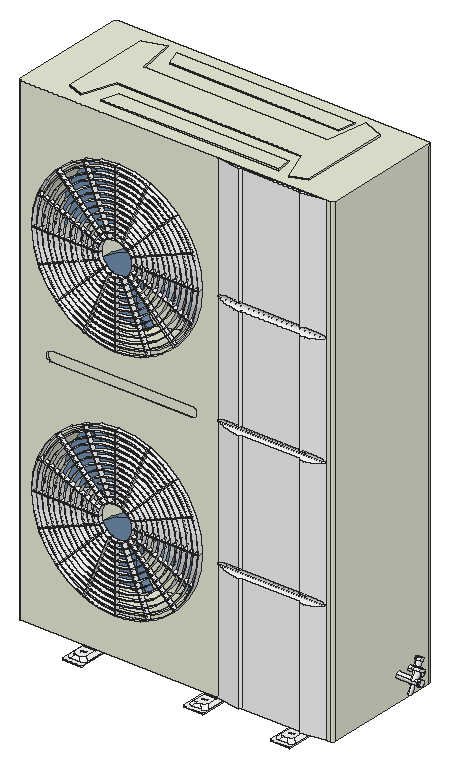
Revit family "MV8S-252(280_335_400)WV2RN1", category Mechanical Equipment, Revit 2013
Parameters (values of type "14HP")
  clearance access right = 200.000 mm
  clearance access left = 200.000 mm
  clearance access front = 1500.000 mm
  clearance access behind = 300.000 mm
  clearance [instance] = no
  Width = 1130.000 mm
  Series = "VRF"
  Refrigerant = "R410A"
  Power supply = "380-415V 3N~ 50Hz"
  Net Weight = 182.00 kg
  Model = "14HP"
  Minimum Circuit Amps = 28 A
  Maximum Fuse Amps = 32 A
  Manufacturer = ""
  Liquid pipe Radius = 0.5 * Liquid pipe  # 6.350 mm
  Liquid pipe = 12.700 mm
  Installation = "Outdoor installation"
  Height = 1760.000 mm
  Heating Power Input = 11.70 kW
  Heating Capacity = 40.00 kW
  Gas pipe Radius = 0.5 * Gas pipe  # 12.700 mm
  Gas pipe = 25.400 mm
  Description = "High efficiency air cooled"
  Depth = 580.000 mm
  Cooling Power Input = 15.70 kW
  Cooling Capacity = 40.00 kW
  Condensation = "Air"
  Compressor = "1"
  Casing color = "SB2098"
  Air Flow = 12500.00 m³/h
Types (5, lengths in mm): name | Net Weight | Model | Minimum Circuit Amps | Maximum Fuse Amps | Heating Power Input | Heating Capacity | Cooling Power Input | Cooling Capacity | Air Flow
  (no name) | 182.00 kg | "14HP" | 28 A | 32 A | 11.70 kW | 40.00 kW | 15.70 kW | 40.00 kW | 12500.00 m³/h
  8HP | 177.00 kg | "8HP" | 17 A | 20 A | 6.10 kW | 25.20 kW | 7.60 kW | 25.20 kW | 11800.00 m³/h
  10HP | 177.00 kg | "10HP" | 21 A | 25 A | 7.00 kW | 28.00 kW | 9.10 kW | 28.00 kW | 12500.00 m³/h
  12HP | 180.00 kg | "12HP" | 23 A | 32 A | 9.10 kW | 33.50 kW | 11.60 kW | 33.50 kW | 12500.00 m³/h
  14HP | 182.00 kg | "14HP" | 28 A | 32 A | 11.70 kW | 40.00 kW | 15.70 kW | 40.00 kW | 12500.00 m³/h
Reference planes
  plane 1 "Center (Front/Back)": y = 0
  plane 2: z = 0
  plane 3 "Center (Left/Right)": x = 0
  plane 4: y = 220
  plane 5: x = -565
  plane 6: x = 565
  plane 7: z = 406.5
  plane 8: z = 300.608
  plane 9: z = 578.117
  plane 10: z = 1760
  plane 11: x = -122.998
  plane 12: y = -220
  plane 13: z = 915
  plane 14: x = 346.214
Forms (mm)
  Extrusion 1, solid, material "Galvanized Steel", detail levels medium+fine
    sketch origin (-463, 0, 789) x (1, 0, 0) y (0, 1, 0)
      loop
        arc (-92, 220) -> (-99.071, 217.071) -> (-102, 210) r 10
        line (-102, 210) -> (-102, -210)
        arc (-102, -210) -> (-99.071, -217.071) -> (-92, -220) r 10
        line (-92, -220) -> (1018, -220)
        arc (1018, -220) -> (1025.071, -217.071) -> (1028, -210) r 10
        line (1028, -210) -> (1028, 210)
        arc (1028, 210) -> (1025.071, 217.071) -> (1018, 220) r 10
        line (1018, 220) -> (-92, 220)
    from -765 to 971
  Extrusion 2, void
    sketch origin (-82.639, 0, 60) x (1, 0, 0) y (0, 0, 1)
      loop
        circle (-122.999, 406.499) r 290
    from 58.354 to 277.34
  Extrusion 3, void
    sketch origin (0, -47.5, 0) x (0, 1, 0) y (0, 0, 1)
      loop
        line (-160, 592.5) -> (-160, 552.5) -> (-148.009, 552.5) -> (-130, 570.509) -> (-130, 592.5) -> (-160, 592.5)
    from 278.788 to 369.719
  Extrusion 4, void
    sketch origin (-82.639, 0, 910) x (1, 0, 0) y (0, 0, 1)
      loop
        circle (-122.999, 406.499) r 290
    from 58.354 to 277.34
  Extrusion 5, solid, material "Galvanized Steel", detail levels fine
    sketch origin (-463, 0, 1760) x (1, 0, 0) y (0, 1, 0)
      loop
        line (33, 160) -> (33, -160) -> (89.382, -180.521) -> (130.424, -67.758) -> (795.576, -67.758) -> (836.618, -180.521) -> (893, -160) -> (893, 160) -> (817.825, 187.362) -> (793.514, 49.489) -> (132.486, 49.489) -> (108.175, 187.362) -> (33, 160)
      loop
        line (153, 170) -> (173.521, 113.618) -> (783.058, 113.618) -> (793, 170) -> (153, 170)
      loop
        line (153, -170) -> (793, -170) -> (783.058, -113.618) -> (173.521, -113.618) -> (153, -170)
    from 0 to 4
  Extrusion 6, solid, material "HXL White", detail levels fine
    sketch origin (0, 0, 0) x (1, 0, 0) y (0, 1, 0)
      loop
        line (152.056, -220) -> (236.78, -233.936)
        arc (236.78, -233.936) -> (238.568, -229.619) -> (242.885, -227.83) r 6.105
        line (242.885, -227.83) -> (449.543, -227.83)
        arc (449.543, -227.83) -> (453.86, -229.619) -> (455.648, -233.936) r 6.105
        line (455.648, -233.936) -> (540.372, -220) -> (152.056, -220)
    from 24 to 1760
  Extrusion 7, void
    sketch origin (531, -220, 0) x (0, 1, 0) y (0, 0, -1)
      loop
        line (-15.391, -899.609) -> (-15.391, -930.391)
        arc (-15.391, -930.391) -> (0, -915) -> (-15.391, -899.609) r 15.391
    from -34 to 438.352
  Extrusion 8, void
    sketch origin (531, -220, -460) x (0, 1, 0) y (0, 0, -1)
      loop
        line (-15.391, -899.609) -> (-15.391, -930.391)
        arc (-15.391, -930.391) -> (0, -915) -> (-15.391, -899.609) r 15.391
    from -34 to 438.352
  Extrusion 9, void
    sketch origin (531, -220, 400) x (0, 1, 0) y (0, 0, -1)
      loop
        line (-15.391, -899.609) -> (-15.391, -930.391)
        arc (-15.391, -930.391) -> (0, -915) -> (-15.391, -899.609) r 15.391
    from -34 to 438.352
  Extrusion 10, void
    sketch origin (-468, -220, 789) x (-1, 0, 0) y (0, 0, 1)
      loop
        arc (-524.78, 141.322) -> (-544.78, 121.322) -> (-524.78, 101.322) r 20
        line (-524.78, 101.322) -> (-24.78, 101.322)
        arc (-24.78, 101.322) -> (-4.78, 121.322) -> (-24.78, 141.322) r 20
        line (-24.78, 141.322) -> (-524.78, 141.322)
    from 0 to 4
Cuts and joins
  Extrusion 2, Extrusion 3, Extrusion 4, Extrusion 10 cuts Extrusion 1
  Extrusion 7, Extrusion 8, Extrusion 9 cuts Extrusion 6
Lines and regions (mm)
  model lines
    curve 1: line (555, 220, 1760) -> (-555, 220, 1760)
    curve 2: line (565, -210, 1760) -> (565, 210, 1760)
    curve 3: arc (555, -220, 1760) -> (562.071, -217.071, 1760) -> (565, -210, 1760) r 10
    curve 4: line (-555, -220, 1760) -> (555, -220, 1760)
    curve 5: arc (-565, -210, 1760) -> (-562.071, -217.071, 1760) -> (-555, -220, 1760) r 10
    curve 6: line (-565, 210, 1760) -> (-565, -210, 1760)
    curve 7: arc (-555, 220, 1760) -> (-562.071, 217.071, 1760) -> (-565, 210, 1760) r 10
    curve 8: line (-555, -220, 24) -> (555, -220, 24)
    curve 9: arc (555, -220, 24) -> (562.071, -217.071, 24) -> (565, -210, 24) r 10
    curve 10: line (565, -210, 24) -> (565, 210, 24)
    curve 11: arc (565, 210, 24) -> (562.071, 217.071, 24) -> (555, 220, 24) r 10
    curve 12: line (555, 220, 24) -> (-555, 220, 24)
    curve 13: arc (-555, 220, 24) -> (-562.071, 217.071, 24) -> (-565, 210, 24) r 10
    curve 14: line (-565, 210, 24) -> (-565, -210, 24)
    curve 15: arc (-565, -210, 24) -> (-562.071, -217.071, 24) -> (-555, -220, 24) r 10
    curve 16: arc (565, 210, 1760) -> (562.071, 217.071, 1760) -> (555, 220, 1760) r 10
Dimensions and locks
  aligned and locked: level to plane 2
Nested families
  nested 1: "xiaodijia2-580" at (429.5, 63, 0), type "xiaodijia2-580", detail levels medium+fine
  nested 2: "xiaodijia2-580" at (-318, 63.725, 0), type "xiaodijia2-580", detail levels medium+fine
  nested 3: "service space" at (-565, 290, 0), visible <- "clearance", Height <- "Height", type "Service  Space"
    with Width 1130.000 mm, Height 1760.000 mm, Depth 300.000 mm
  nested 4: "service space" at (565, -220, 0), visible <- "clearance", Height <- "Height", type "Service  Space"
    with Width 200.000 mm, Height 1760.000 mm, Depth 440.000 mm
  nested 5: "service space" at (-765, -220, 0), visible <- "clearance", Height <- "Height", type "Service  Space"
    with Width 200.000 mm, Height 1760.000 mm, Depth 440.000 mm
  nested 6: "service space" at (-565, -1790, 0), visible <- "clearance", Height <- "Height", type "Service  Space"
    with Width 1130.000 mm, Height 1760.000 mm, Depth 1500.000 mm
  nested 7: "fengkou300+15" at (-205.639, -235, 466.5) x (1, 0, 0) z (0, 1, 0), type "fengkou300+15", detail levels medium+fine
  nested 8: "fengshan270" at (-205.635, -100, 466.5) x (0, 0, 1) z (0, -1, 0), type "fengshan270", detail levels fine
  nested 9: "fengkou300+15" at (-205.639, -235, 1316.5) x (1, 0, 0) z (0, 1, 0), type "fengkou300+15", detail levels medium+fine
  nested 10: "fengshan270" at (-205.635, -100, 1316.5) x (0, 0, 1) z (0, -1, 0), type "fengshan270", detail levels fine
  nested 11: "guan_HXL" at (610, 70, 115) x (0, 0.866, -0.5) z (0, 0.5, 0.866), type "guan_HXL", detail levels fine
    with luomukuandu2 30.000 mm, luomukuandu 20.000 mm, luomuhoudu2 10.000 mm, luomuhoudu 10.000 mm, diameter2 20.000 mm, diameter 20.000 mm, Length2 40.000 mm, Length 85.000 mm
  nested 12: "guan_HXL" at (575, 120, 115) x (0, -0.866, 0.5) z (0, 0.5, 0.866), type "guan_HXL", detail levels fine
    with luomukuandu2 20.000 mm, luomukuandu 20.000 mm, luomuhoudu2 10.000 mm, luomuhoudu 10.000 mm, diameter2 18.000 mm, diameter 15.000 mm, Length2 40.000 mm, Length 50.000 mm
  nested 13: "xiaodijia2-580" at (118, 63, 0), type "xiaodijia2-580", detail levels medium+fine
Connectors
  piping at (565, 70, 115), driven by "Gas pipe Radius"
    settings: on nested 11, index 1, connector radius 1/2", flow factor 0, pipe flow 0 GPM, pressure drop 0.00 psi, fitting loss kfactor 0, connector angle 0.00°, fixture units 0, engagement length 0.000 mm, flow configuration 0, flow direction 0, fitting loss method 0, system type 7, joint type 0, gender type 0, connector reference index -1, connector utility 0, adjustable connector no, is connector primary yes, fitting loss table "", connector description ""
  piping at (565, 120, 115), driven by "Liquid pipe Radius"
    settings: on nested 12, index 2, connector radius 1/4", flow factor 0, pipe flow 0 GPM, pressure drop 0.00 psi, fitting loss kfactor 0, connector angle 0.00°, fixture units 0, engagement length 0.000 mm, flow configuration 0, flow direction 0, fitting loss method 0, system type 7, joint type 0, gender type 0, connector reference index -1, connector utility 0, adjustable connector no, is connector primary no, fitting loss table "", connector description ""
  electrical at (0, -220, 892)
    settings: on cut or joined group of Extrusion 1, Extrusion 2, Extrusion 3, Extrusion 4, Extrusion 10, index 3, voltage 380 V, apparent load 0 VA, apparent load phase1 0 VA, apparent load phase2 0 VA, apparent load phase3 0 VA, power factor 1, load classification "HVAC", number of poles 1, system type 30, power factor state 1, is connector primary yes, connector utility no, sub classification motor no, connector description ""
Definition of nested family "xiaodijia2-580"
  Reference planes
    plane 1 "Center (Front/Back)": y = 0
    plane 2: z = 0
    plane 3 "Center (Left/Right)": x = 0
    plane 4: y = 227
    plane 5: x = -36.5
    plane 6: x = 36.5
    plane 7: z = 12
    plane 8: z = 3
    plane 9: z = 24
    plane 10: y = -20
    plane 11: y = 20
    plane 12: x = 21.5
    plane 13: x = -21.5
    plane 14: y = 190
    plane 15: x = -6
    plane 16: x = 6
    plane 17: y = -186
    plane 18: y = -194
    plane 19: y = -353
  Forms (mm)
    Blend 1, solid, material "HXL White"
      base sketch origin (0, 0, 0) x (1, 0, 0) y (0, 1, 0)
        loop
          line (6.5, 212) -> (-6.5, 212)
          arc (-6.5, 212) -> (-17.107, 207.607) -> (-21.5, 197) r 15
          line (-21.5, 197) -> (-21.5, -311.239)
          arc (-21.5, -311.239) -> (-17.107, -321.846) -> (-6.5, -326.239) r 15
          line (-6.5, -326.239) -> (6.5, -326.239)
          arc (6.5, -326.239) -> (17.107, -321.846) -> (21.5, -311.239) r 15
          line (21.5, -311.239) -> (21.5, 197)
          arc (21.5, 197) -> (17.107, 207.607) -> (6.5, 212) r 15
      top sketch origin (0, 0, 0) x (1, 0, 0) y (0, 1, 0)
        loop
          line (26.5, 222) -> (-26.5, 222)
          arc (-26.5, 222) -> (-30.036, 220.536) -> (-31.5, 217) r 5
          line (-31.5, 217) -> (-31.5, -321.239)
          arc (-31.5, -321.239) -> (-27.107, -331.846) -> (-16.5, -336.239) r 15
          line (-16.5, -336.239) -> (16.5, -336.239)
          arc (16.5, -336.239) -> (27.107, -331.846) -> (31.5, -321.239) r 15
          line (31.5, -321.239) -> (31.5, 217)
          arc (31.5, 217) -> (30.036, 220.536) -> (26.5, 222) r 5
      from 12 to 3
    Blend 2, void
      base sketch origin (0, 0, 0) x (1, 0, 0) y (0, 1, 0)
        loop
          line (6.5, 202) -> (-6.5, 202)
          arc (-6.5, 202) -> (-10.036, 200.536) -> (-11.5, 197) r 5
          line (-11.5, 197) -> (-11.5, -197)
          arc (-11.5, -197) -> (-10.036, -200.536) -> (-6.5, -202) r 5
          line (-6.5, -202) -> (6.5, -202)
          arc (6.5, -202) -> (10.036, -200.536) -> (11.5, -197) r 5
          line (11.5, -197) -> (11.5, 197)
          arc (11.5, 197) -> (10.036, 200.536) -> (6.5, 202) r 5
      top sketch origin (0, 0, 0) x (1, 0, 0) y (0, 1, 0)
        loop
          line (31.5, -311.239) -> (31.5, 217)
          arc (31.5, 217) -> (30.036, 220.536) -> (26.5, 222) r 5
          line (26.5, 222) -> (-26.5, 222)
          arc (-26.5, 222) -> (-30.036, 220.536) -> (-31.5, 217) r 5
          line (-31.5, 217) -> (-31.5, -311.239)
          arc (-31.5, -311.239) -> (-27.107, -321.846) -> (-16.5, -326.239) r 15
          line (-16.5, -326.239) -> (16.5, -326.239)
          arc (16.5, -326.239) -> (27.107, -321.846) -> (31.5, -311.239) r 15
      from 8.355 to 3
    Extrusion 3, solid, material "HXL White"
      sketch origin (0, 0, 0) x (1, 0, 0) y (0, 1, 0)
        loop
          arc (-31.5, 227) -> (-35.036, 225.536) -> (-36.5, 222) r 5
          line (-36.5, 222) -> (-36.5, -348)
          arc (-36.5, -348) -> (-35.036, -351.536) -> (-31.5, -353) r 5
          line (-31.5, -353) -> (31.5, -353)
          arc (31.5, -353) -> (35.036, -351.536) -> (36.5, -348) r 5
          line (36.5, -348) -> (36.5, 222)
          arc (36.5, 222) -> (35.036, 225.536) -> (31.5, 227) r 5
          line (31.5, 227) -> (-31.5, 227)
        loop
          arc (-26.5, 222) -> (-30.036, 220.536) -> (-31.5, 217) r 5
          line (-31.5, 217) -> (-31.5, -311.239)
          arc (-31.5, -311.239) -> (-27.107, -321.846) -> (-16.5, -326.239) r 15
          line (-16.5, -326.239) -> (16.5, -326.239)
          arc (16.5, -326.239) -> (27.107, -321.846) -> (31.5, -311.239) r 15
          line (31.5, -311.239) -> (31.5, 217)
          arc (31.5, 217) -> (30.036, 220.536) -> (26.5, 222) r 5
          line (26.5, 222) -> (-26.5, 222)
      from 0 to 3
    Extrusion 4, solid, material "HXL White"
      sketch origin (0, -57.12, 0) x (0, 1, 0) y (0, 0, 1)
        loop
          arc (-19.275, 24) -> (-19.902, 23.667) -> (-20.264, 23.056) r 1.312
          line (-20.264, 23.056) -> (-22.833, 13.434)
          arc (-22.833, 13.434) -> (-23.437, 12.605) -> (-24.266, 12) r 3.318
          line (-24.266, 12) -> (24.266, 12)
          arc (24.266, 12) -> (23.437, 12.605) -> (22.833, 13.434) r 3.318
          line (22.833, 13.434) -> (20.264, 23.056)
          arc (20.264, 23.056) -> (19.902, 23.667) -> (19.275, 24) r 1.312
          line (19.275, 24) -> (-19.275, 24)
      from -21.5 to 21.5
    Extrusion 5, solid, material "HXL White"
      sketch origin (0, 150, 0) x (0, 1, 0) y (0, 0, 1)
        loop
          arc (-19.275, 24) -> (-19.902, 23.667) -> (-20.264, 23.056) r 1.312
          line (-20.264, 23.056) -> (-22.833, 13.434)
          arc (-22.833, 13.434) -> (-23.437, 12.605) -> (-24.266, 12) r 3.318
          line (-24.266, 12) -> (24.266, 12)
          arc (24.266, 12) -> (23.437, 12.605) -> (22.833, 13.434) r 3.318
          line (22.833, 13.434) -> (20.264, 23.056)
          arc (20.264, 23.056) -> (19.902, 23.667) -> (19.275, 24) r 1.312
          line (19.275, 24) -> (-19.275, 24)
      from -21.5 to 21.5
    Extrusion 6, solid, material "HXL White"
      sketch origin (0, -250, 0) x (0, 1, 0) y (0, 0, 1)
        loop
          arc (-19.275, 24) -> (-19.902, 23.667) -> (-20.264, 23.056) r 1.312
          line (-20.264, 23.056) -> (-22.833, 13.434)
          arc (-22.833, 13.434) -> (-23.437, 12.605) -> (-24.266, 12) r 3.318
          line (-24.266, 12) -> (24.266, 12)
          arc (24.266, 12) -> (23.437, 12.605) -> (22.833, 13.434) r 3.318
          line (22.833, 13.434) -> (20.264, 23.056)
          arc (20.264, 23.056) -> (19.902, 23.667) -> (19.275, 24) r 1.312
          line (19.275, 24) -> (-19.275, 24)
      from -21.5 to 21.5
    Extrusion 7, void
      sketch origin (0, 0, 0) x (1, 0, 0) y (0, 1, 0)
        loop
          arc (-6, -296) -> (-10, -300) -> (-6, -304) r 4
          line (-6, -304) -> (6, -304)
          arc (6, -304) -> (10, -300) -> (6, -296) r 4
          line (6, -296) -> (-6, -296)
        loop
          line (-6, 186) -> (6, 186)
          arc (6, 186) -> (10, 190) -> (6, 194) r 4
          line (6, 194) -> (-6, 194)
          arc (-6, 194) -> (-10, 190) -> (-6, 186) r 4
      from 0 to 20
  Cuts and joins
    Blend 2, Extrusion 7 cuts Blend 1
  Dimensions and locks
    aligned and locked: level to plane 2
Definition of nested family "service space"
  Parameters (values of type "Midea Service  Space")
    Width [instance] = 500.000 mm
    Height [instance] = 500.000 mm
    Depth [instance] = 500.000 mm
  Reference planes
    plane 1 "Center (Front/Back)": y = 0
    plane 2: z = 0
    plane 3 "Center (Left/Right)": x = 0
    plane 4: z = 500
    plane 5: y = 500
    plane 6: x = 500
  Forms (mm)
    Extrusion 1, solid, material "Midea Service Space-HDY"
      sketch origin (0, 0, 0) x (1, 0, 0) y (0, 1, 0)
        loop
          line (0, 500) -> (0, 0) -> (500, 0) -> (500, 500) -> (0, 500)
      from 0 to 500
  Dimensions and locks
    "Width": plane 3 "Center (Left/Right)" to plane 6
    "Depth": plane 5 to plane 1 "Center (Front/Back)"
    "Height": level to plane 4
    aligned and locked: level to plane 2
    aligned and locked: plane 5 to Extrusion 1
    aligned and locked: Extrusion 1 to plane 6
    aligned and locked: Extrusion 1 to plane 3 "Center (Left/Right)"
    aligned and locked: plane 1 "Center (Front/Back)" to Extrusion 1
    aligned and locked: Extrusion 1 to plane 4
  Automatic sketch dimensions
    Extrusion 1 sketch curve to plane 3 "Center (Left/Right)" = 0.000 mm
    plane 1 "Center (Front/Back)" to Extrusion 1 sketch curve = 0.000 mm
    Extrusion 1 sketch curve to plane 6 = 0.000 mm
    Extrusion 1 sketch curve to plane 5 = 0.000 mm
Definition of nested family "fengkou300+15"
  Parameters (values of type "fengkou300+15")
    Series = ""
    Machine material = Midea White
    Installation = ""
    Gas = ""
    Condensation = ""
  Reference planes
    plane 1 "Center (Front/Back)": y = 0
    plane 2: z = 0
    plane 3 "Center (Left/Right)": x = 0
  Forms (mm)
    Extrusion 1, solid, material "Midea White" <- "Machine material"
      sketch origin (0, 0, 0) x (1, 0, 0) y (0, 1, 0)
        loop
          circle (0, 0) r 60
        loop
          circle (0, 0) r 61
        loop
          circle (0, 0) r 80
        loop
          circle (0, 0) r 81
        loop
          circle (0, 0) r 100
        loop
          circle (0, 0) r 101
        loop
          circle (0, 0) r 120
        loop
          circle (0, 0) r 121
        loop
          circle (0, 0) r 140
        loop
          circle (0, 0) r 141
        loop
          circle (0, 0) r 160
        loop
          circle (0, 0) r 161
        loop
          circle (0, 0) r 180
        loop
          circle (0, 0) r 181
        loop
          circle (0, 0) r 200
        loop
          circle (0, 0) r 201
        loop
          circle (0, 0) r 220
        loop
          circle (0, 0) r 221
        loop
          circle (0, 0) r 240
        loop
          circle (0, 0) r 241
        loop
          circle (0, 0) r 260
        loop
          circle (0, 0) r 261
        loop
          circle (0, 0) r 300
        loop
          circle (0, 0) r 298
        loop
          circle (0, 0) r 280
        loop
          circle (0, 0) r 282
      from 0 to 15
    Extrusion 2, solid, material "Midea White" <- "Machine material"
      sketch origin (0, 0, 0) x (1, 0, 0) y (0, 1, 0)
        loop
          line (112.868, 276.414) -> (21.566, 55.993) -> (24.338, 54.845) -> (115.639, 275.266) -> (112.868, 276.414)
        loop
          line (-115.892, -275.873) -> (-113.121, -277.021) -> (-21.566, -55.988) -> (-24.338, -54.84) -> (-115.892, -275.873)
        loop
          line (276.767, -113.015) -> (55.991, -21.567) -> (54.843, -24.338) -> (275.619, -115.787) -> (276.767, -113.015)
        loop
          line (-275.322, 115.668) -> (-276.47, 112.896) -> (-55.987, 21.569) -> (-54.839, 24.341) -> (-275.322, 115.668)
        loop
          line (274.833, 115.468) -> (54.841, 24.344) -> (55.989, 21.572) -> (275.981, 112.696) -> (274.833, 115.468)
        loop
          line (-276.35, -112.845) -> (-275.202, -115.616) -> (-54.841, -24.339) -> (-55.989, -21.568) -> (-276.35, -112.845)
        loop
          line (115.817, -275.686) -> (24.34, -54.841) -> (21.569, -55.989) -> (113.046, -276.834) -> (115.817, -275.686)
        loop
          line (-112.949, 276.604) -> (-115.72, 275.456) -> (-24.339, 54.842) -> (-21.567, 55.99) -> (-112.949, 276.604)
        loop
          line (210.396, 212.522) -> (41.351, 43.478) -> (43.472, 41.356) -> (212.517, 210.401) -> (210.396, 212.522)
        loop
          line (-212.076, -209.955) -> (-209.954, -212.076) -> (-41.351, -43.473) -> (-43.472, -41.352) -> (-212.076, -209.955)
        loop
          line (212.134, -210.01) -> (43.475, -41.352) -> (41.354, -43.473) -> (210.012, -212.132) -> (212.134, -210.01)
        loop
          line (-209.969, 212.093) -> (-212.09, 209.971) -> (-43.472, 41.353) -> (-41.351, 43.474) -> (-209.969, 212.093)
        loop
          line (298.287, 1.504) -> (59.981, 1.504) -> (59.981, -1.496) -> (298.287, -1.496) -> (298.287, 1.504)
        loop
          line (-298.652, 1.5) -> (-298.652, -1.5) -> (-59.981, -1.5) -> (-59.981, 1.5) -> (-298.652, 1.5)
        loop
          line (1.5, -298.432) -> (1.5, -59.981) -> (-1.5, -59.981) -> (-1.5, -298.432) -> (1.5, -298.432)
        loop
          line (1.5, 298.807) -> (-1.5, 298.807) -> (-1.5, 59.981) -> (1.5, 59.981) -> (1.5, 298.807)
      from 0 to 15
  Dimensions and locks
    aligned and locked: level to plane 2
Definition of nested family "fengshan270"
  Reference planes
    plane 1 "Center (Front/Back)": y = 0
    plane 2: z = 0
    plane 3 "Center (Left/Right)": x = 0
  Forms (mm)
    Extrusion 1, solid, material "Midea Dark Blue"
      sketch origin (0, 0, 0) x (1, 0, 0) y (0, 1, 0)
        loop
          circle (0, 0) r 50
      from 0 to 30
    Extrusion 2, solid, material "Midea Dark Blue"
      sketch origin (-20, 0, 0) x (0, -1, 0) y (1, 0, 0)
        loop
          arc (32.105, 288.084) -> (-94.042, 273.093) -> (-199.371, 202.075) r 270
          arc (-199.371, 202.075) -> (-134.798, 110.882) -> (-35, 60.622) r 231.205
          arc (-35, 60.622) -> (0, 70) -> (35, 60.622) r 70
          arc (35, 60.622) -> (-8.793, 173.814) -> (32.105, 288.084) r 173.918
      from 0 to 30
    Extrusion 3, solid, material "Midea Dark Blue"
      sketch origin (20, 0, 0) x (0, 1, 0) y (-1, 0, 0)
        loop
          arc (32.105, 288.084) -> (-94.042, 273.093) -> (-199.371, 202.075) r 270
          arc (-199.371, 202.075) -> (-134.798, 110.882) -> (-35, 60.622) r 231.205
          arc (-35, 60.622) -> (0, 70) -> (35, 60.622) r 70
          arc (35, 60.622) -> (-8.793, 173.814) -> (32.105, 288.084) r 173.918
      from 0 to 30
    Extrusion 4, solid, material "Midea Dark Blue"
      sketch origin (0, 0, 0) x (1, 0, 0) y (0, 1, 0)
        loop
          arc (32.105, 268.084) -> (-94.042, 253.093) -> (-199.371, 182.075) r 270
          arc (-199.371, 182.075) -> (-134.798, 90.882) -> (-35, 40.622) r 231.205
          arc (-35, 40.622) -> (0, 50) -> (35, 40.622) r 70
          arc (35, 40.622) -> (-8.793, 153.814) -> (32.105, 268.084) r 173.918
        loop
          arc (199.371, -182.075) -> (134.798, -90.882) -> (35, -40.622) r 231.205
          arc (35, -40.622) -> (0, -50) -> (-35, -40.622) r 70
          arc (-35, -40.622) -> (8.793, -153.814) -> (-32.105, -268.084) r 173.918
          arc (-32.105, -268.084) -> (94.042, -253.093) -> (199.371, -182.075) r 270
      from 0 to 30
  Dimensions and locks
    aligned and locked: level to plane 2
Definition of nested family "guan_HXL"
  Parameters (values of type "guan_HXL")
    luomukuandu2 [instance] = 30.000 mm
    luomukuandu [instance] = 20.000 mm
    luomuhoudu2 [instance] = 10.000 mm
    luomuhoudu [instance] = 10.000 mm
    diameter2 [instance] = 20.000 mm
    diameter [instance] = 20.000 mm
    Length2 [instance] = 40.000 mm
    Length [instance] = 85.000 mm
  Reference planes
    plane 1 "Center (Front/Back)": y = 0
    plane 2: z = 0
    plane 3 "Center (Left/Right)": x = 0
    plane 4: z = 10
    plane 5: z = -10
    plane 6: through (0, -1524, 0) normal (0.866, 0, 0.5)
    plane 7: through (0, -1524, 0) normal (-0.866, 0, 0.5)
    plane 8: through (4.33, -1524, 12.5) normal (0.866, 0, 0.5)
    plane 9: through (-12.99, -1524, 2.5) normal (0.866, 0, 0.5)
    plane 10: through (-4.33, -1524, 12.5) normal (-0.866, 0, 0.5)
    plane 11: through (12.99, -1524, 2.5) normal (-0.866, 0, 0.5)
    plane 12: y = -14.109
    plane 13: through (0, -14.109, 1200) normal (-0.866, 0.5, 0)
    plane 14: through (0, -14.109, 1200) normal (-0.866, -0.5, 0)
    plane 15: y = 0.891
    plane 16: y = -29.109
    plane 17: through (-10.104, -1.609, 1200) normal (0.866, -0.5, 0)
    plane 18: through (10.104, -26.609, 1200) normal (-0.866, 0.5, 0)
    plane 19: through (10.104, -1.609, 1200) normal (0.866, 0.5, 0)
    plane 20: through (-15.877, -16.609, 1200) normal (0.866, 0.5, 0)
    plane 21: y = -40
  Forms (mm)
    Extrusion 1, solid, material "HXL White"
      sketch origin (0, 0, 0) x (1, 0, 0) y (0, 0, 1)
        loop
          circle (0, 0) r 10
      from -45 to 40
    Extrusion 2, solid, material "HXL White"
      sketch origin (0, 0, 0) x (1, 0, 0) y (0, 0, 1)
        loop
          line (-5.774, 10) -> (-11.547, 0) -> (-5.774, -10) -> (5.774, -10) -> (11.547, 0) -> (5.774, 10) -> (-5.774, 10)
      from 30 to 40
    Extrusion 3, solid, material "HXL White"
      sketch origin (0, 0, 0) x (1, 0, 0) y (0, 1, 0)
        loop
          circle (0, -14.109) r 10
      from 0 to 40
    Extrusion 4, solid, material "HXL White"
      sketch origin (0, 0, 0) x (1, 0, 0) y (0, 1, 0)
        loop
          line (-17.321, -14.109) -> (-8.66, -29.109) -> (8.66, -29.109) -> (17.321, -14.109) -> (8.66, 0.891) -> (-8.66, 0.891) -> (-17.321, -14.109)
      from 30 to 40
    Extrusion 5, solid, material "HXL White"
      sketch origin (0, 0, -40) x (1, 0, 0) y (0, 1, 0)
        loop
          circle (0, -14.109) r 5
      from 0 to 40
  Dimensions and locks
    equal spacing: plane 4, level, plane 5
    "luomukuandu": plane 4 to plane 5
    equal spacing: plane 10, plane 7, plane 11
    "luomukuandu": plane 11 to plane 10
    equal spacing: plane 8, plane 6, plane 9
    "luomukuandu": plane 8 to plane 9
    "luomuhoudu": Extrusion 2 to Extrusion 2
    "Length2": Extrusion 3 to level
    equal spacing: plane 18, plane 13, plane 17
    "luomukuandu2": plane 17 to plane 18
    equal spacing: plane 15, plane 12, plane 16
    "luomukuandu2": plane 15 to plane 16
    equal spacing: plane 19, plane 14, plane 20
    "luomukuandu2": plane 19 to plane 20
    "luomuhoudu2": Extrusion 4 to Extrusion 4
    "Length": Extrusion 1 to plane 21
    "diameter": diameter of Extrusion 1 sketch curve
    "diameter2": diameter of Extrusion 3 sketch curve
    aligned and locked: level to plane 2
    aligned and locked: plane 8 to Extrusion 2
    aligned and locked: plane 11 to Extrusion 2
    aligned and locked: Extrusion 2 to plane 5
    aligned and locked: plane 9 to Extrusion 2
    aligned and locked: plane 10 to Extrusion 2
    aligned and locked: plane 4 to Extrusion 2
    aligned and locked: Extrusion 2 to Extrusion 1
    aligned and locked: plane 19 to Extrusion 4
    aligned and locked: plane 15 to Extrusion 4
    aligned and locked: Extrusion 4 to plane 17
    aligned and locked: Extrusion 4 to plane 20
    aligned and locked: plane 16 to Extrusion 4
    aligned and locked: Extrusion 4 to plane 18
    aligned and locked: Extrusion 4 to Extrusion 3
  Automatic sketch dimensions
    Extrusion 2 sketch curve to level = 0.000 mm  (x2)
    plane 9 to Extrusion 2 sketch curve = 0.000 mm
    Extrusion 2 sketch curve to plane 4 = 0.000 mm
    Extrusion 2 sketch curve to plane 6 = 0.000 mm  (x2)
    Extrusion 2 sketch curve to plane 5 = 0.000 mm
    plane 7 to Extrusion 2 sketch curve = 0.000 mm  (x2)
    Extrusion 2 sketch curve to plane 8 = 0.000 mm
    plane 12 to Extrusion 4 sketch curve = 0.000 mm  (x2)
    plane 17 to Extrusion 4 sketch curve = 0.000 mm
    Extrusion 4 sketch curve to plane 13 = 0.000 mm  (x2)
    plane 16 to Extrusion 4 sketch curve = 0.000 mm
    Extrusion 4 sketch curve to plane 14 = 0.000 mm  (x2)
    Extrusion 4 sketch curve to plane 15 = 0.000 mm
    Extrusion 4 sketch curve to plane 18 = 0.000 mm
    Extrusion 5 sketch curve to plane 3 "Center (Left/Right)" = 0.000 mm
    plane 12 to Extrusion 5 sketch curve = 0.000 mm
    Extrusion 1 sketch curve to level = 0.000 mm
    Extrusion 1 sketch curve to plane 3 "Center (Left/Right)" = 0.000 mm
    Extrusion 3 sketch curve to plane 3 "Center (Left/Right)" = 0.000 mm
    plane 12 to Extrusion 3 sketch curve = 0.000 mm
    radius of Extrusion 5 sketch curve = 5.000 mm
